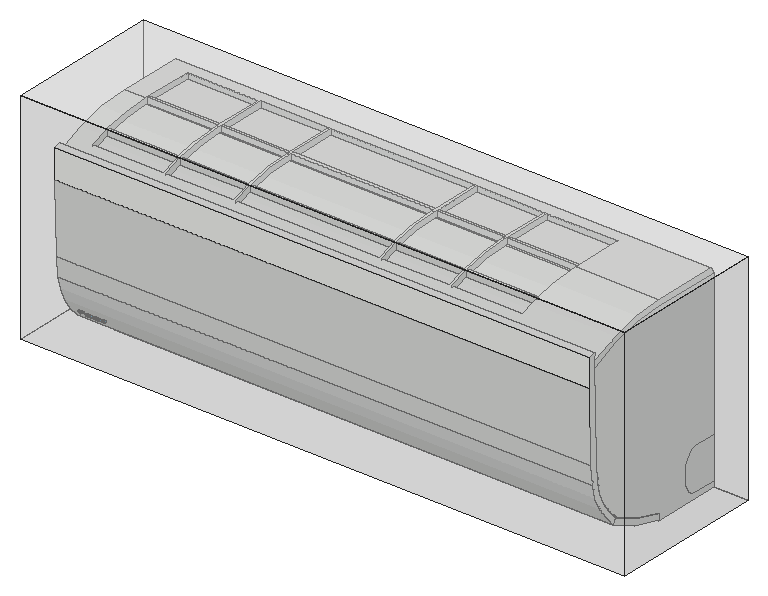
Revit family "outputfile", category 機械設備, Revit 2024
Family settings
  丸型コネクタ寸法 = 半径を使用
  パーツ タイプ = 標準
  OmniClass 番号 = 23.75.10.24.21.27.27
  OmniClass タイトル = Split System Air Conditioning Units
  作業面ベース = いいえ
  常に垂直 = はい
  ロード時にボイドで切り取り = いいえ
  注釈の向きを維持 = いいえ
  共有 = いいえ
  部屋計算ポイント = いいえ
Parameters (values of type "CTXF20TVMA")
  Description = ""
  書き出し IFC クラス(タイプ) = "IfcUnitaryEquipmentType"
  定義済み IFC タイプ(タイプ) = "AIRCONDITIONINGUNIT"
  Cost = 0
  Type Comments = ""
  Keynote = ""
  Type Image = (empty or 0)
  Assembly Code = ""
  w_wall hole = if(Width = 770.0 mm, 48.0 mm, 60.0 mm)  # 48.0 mm
  製造元 = "Daikin"
  モデル = "CTXF20TVMA"
  switch_frequency = yes
  r_Liquid Pipe Size = Liquid Pipe Size / 2  # 3.2 mm
  r_Gas Pipe Size = Gas Pipe Size / 2  # 4.75 mm
  r_Drain Pipe Size = Drain Pipe Size / 2  # 8.0 mm
  lw_powersupply [instance] = if(Width = 770.0 mm, if(or(Rear Right Connection_refrigerant, Bottom Right Connection_refrigerant), 25.0 mm, if(or(Rear Left Connection_refrigerant, Bottom Left Connection_refrigerant), 745.0 mm, 400.0 mm)), if(Width = 990.0 mm, if(or(Rear Right Connection_refrigerant, Bottom Right Connection_refrigerant), 40.0 mm, if(or(Rear Left Connection_refrigerant, Bottom Left Connection_refrigerant), 920.0 mm, 400.0 mm)), if(or(Rear Right Connection_refrigerant, Bottom Right Connection_refrigerant), 40.0 mm, if(or(Rear Left Connection_refrigerant, Bottom Left Connection_refrigerant), 920.0 mm, 400.0 mm))))  # 400.0 mm
  lw_liquidpipe [instance] = if(Width = 770.0 mm, if(or(Rear Right Connection_refrigerant, Bottom Right Connection_refrigerant), 0.0 mm, if(or(Rear Left Connection_refrigerant, Bottom Left Connection_refrigerant), 664.0 mm, 385.0 mm)), if(Width = 990.0 mm, if(or(Rear Right Connection_refrigerant, Bottom Right Connection_refrigerant), 0.0 mm, if(or(Rear Left Connection_refrigerant, Bottom Left Connection_refrigerant), 664.0 mm + (990.0 mm - 770.0 mm), 475.0 mm)), if(or(Rear Right Connection_refrigerant, Bottom Right Connection_refrigerant), 0.0 mm, if(or(Rear Left Connection_refrigerant, Bottom Left Connection_refrigerant), 664.0 mm + (990.0 mm - 770.0 mm), 475.0 mm))))  # 385.0 mm
  lw_gaspipe [instance] = if(Width = 770.0 mm, if(or(Rear Right Connection_refrigerant, Bottom Right Connection_refrigerant), 0.0 mm, if(or(Rear Left Connection_refrigerant, Bottom Left Connection_refrigerant), 675.0 mm, if(Gas Pipe Size = 12.7 mm, 335.0 mm, 335.0 mm))), if(Width = 990.0 mm, if(or(Rear Right Connection_refrigerant, Bottom Right Connection_refrigerant), 10.0 mm, if(or(Rear Left Connection_refrigerant, Bottom Left Connection_refrigerant), 890.0 mm, if(Gas Pipe Size = 15.9 mm, 400.0 mm, 400.0 mm))), if(or(Rear Right Connection_refrigerant, Bottom Right Connection_refrigerant), 10.0 mm, if(or(Rear Left Connection_refrigerant, Bottom Left Connection_refrigerant), 890.0 mm, if(Gas Pipe Size = 15.9 mm, 400.0 mm, 400.0 mm)))))  # 335.0 mm
  lw_drainpipe [instance] = if(Width = 770.0 mm, if(or(Rear Right Connection_refrigerant, Bottom Right Connection_refrigerant), 0.0 mm, if(or(Rear Left Connection_refrigerant, Bottom Left Connection_refrigerant), 770.0 mm - 48.0 mm - 48.0 mm, 440.0 mm)), if(Width = 990.0 mm, if(or(Rear Right Connection_refrigerant, Bottom Right Connection_refrigerant), 0.0 mm, if(or(Rear Left Connection_refrigerant, Bottom Left Connection_refrigerant), 675.0 mm + (990.0 mm - 770.0 mm), 435.0 mm)), if(or(Rear Right Connection_refrigerant, Bottom Right Connection_refrigerant), 0.0 mm, if(or(Rear Left Connection_refrigerant, Bottom Left Connection_refrigerant), 675.0 mm + (990.0 mm - 770.0 mm), 435.0 mm))))  # 440.0 mm
  l_powersupply_length [instance] = if(Width = 770.0 mm, if(Right Connection_refrigerant, 400.0 mm, if(Left Connection_refrigerant, 770.0 mm - 400.0 mm, if(or(Rear Left Connection_refrigerant, Rear Right Connection_refrigerant), 15.0 mm, 50.0 mm))), if(Width = 990.0 mm, if(Right Connection_refrigerant, 400.0 mm, if(Left Connection_refrigerant, 990.0 mm - 400.0 mm, if(or(Rear Left Connection_refrigerant, Rear Right Connection_refrigerant), 15.0 mm, 50.0 mm))), if(Right Connection_refrigerant, 400.0 mm, if(Left Connection_refrigerant, 990.0 mm - 400.0 mm, if(or(Rear Left Connection_refrigerant, Rear Right Connection_refrigerant), 15.0 mm, 50.0 mm)))))  # 400.0 mm
  l_liquidpipe_length [instance] = if(Width = 770.0 mm, if(Right Connection_refrigerant, 433.0 mm, if(Left Connection_refrigerant, 337.0 mm, if(or(Rear Left Connection_refrigerant, Rear Right Connection_refrigerant), 30.0 mm, 40.0 mm))), if(Width = 990.0 mm, if(Right Connection_refrigerant, 535.0 mm, if(Left Connection_refrigerant, 455.0 mm, if(or(Rear Left Connection_refrigerant, Rear Right Connection_refrigerant), 30.0 mm, 40.0 mm))), if(Right Connection_refrigerant, 535.0 mm, if(Left Connection_refrigerant, 455.0 mm, if(or(Rear Left Connection_refrigerant, Rear Right Connection_refrigerant), 30.0 mm, 40.0 mm)))))  # 433.0 mm
  l_gaspipe_length [instance] = if(Width = 770.0 mm, if(Right Connection_refrigerant, if(Gas Pipe Size = 12.7 mm, 383.0 mm, 383.0 mm), if(Left Connection_refrigerant, if(Gas Pipe Size = 12.7 mm, 770.0 mm - 383.0 mm, 770.0 mm - 383.0 mm), if(or(Rear Left Connection_refrigerant, Rear Right Connection_refrigerant), 40.0 mm, 50.0 mm))), if(Width = 990.0 mm, if(Right Connection_refrigerant, if(Gas Pipe Size = 15.9 mm, 460.0 mm, 460.0 mm), if(Left Connection_refrigerant, if(Gas Pipe Size = 15.9 mm, 990.0 mm - 460.0 mm, 990.0 mm - 460.0 mm), if(or(Rear Left Connection_refrigerant, Rear Right Connection_refrigerant), 40.0 mm, 50.0 mm))), if(Right Connection_refrigerant, if(Gas Pipe Size = 15.9 mm, 460.0 mm, 460.0 mm), if(Left Connection_refrigerant, if(Gas Pipe Size = 15.9 mm, 990.0 mm - 460.0 mm, 990.0 mm - 460.0 mm), if(or(Rear Left Connection_refrigerant, Rear Right Connection_refrigerant), 40.0 mm, 50.0 mm)))))  # 383.0 mm
  l_drainpipe_length [instance] = if(Width = 770.0 mm, if(Right Connection_refrigerant, 488.0 mm, if(Left Connection_refrigerant, 282.0 mm, if(or(Rear Left Connection_refrigerant, Rear Right Connection_refrigerant), 15.0 mm, 20.0 mm))), if(Width = 990.0 mm, if(Right Connection_refrigerant, 495.0 mm, if(Left Connection_refrigerant, 495.0 mm, if(or(Rear Left Connection_refrigerant, Rear Right Connection_refrigerant), 15.0 mm, 20.0 mm))), if(Right Connection_refrigerant, 495.0 mm, if(Left Connection_refrigerant, 495.0 mm, if(or(Rear Left Connection_refrigerant, Rear Right Connection_refrigerant), 15.0 mm, 20.0 mm)))))  # 488.0 mm
  h*** = 0.0 mm  # constant formula
  connector_voltage = Voltage_50Hz  # 230 V
  connector_powerinput = if([Power Input (Cooling)] > [Power Input (Heating)], [Power Input (Cooling)], [Power Input (Heating)])  # 0.000 kW
  connector_phase = Phase_50Hz  # 1
  angle_vertical [instance] = if(or(Bottom Left Connection_refrigerant, Bottom Right Connection_refrigerant), 0.00°, 90.00°)  # 90.00°
  angle_horizontal [instance] = if(Right Connection_refrigerant, 90.00°, if(Left Connection_refrigerant, -90.00°, if(or(Rear Left Connection_refrigerant, Rear Right Connection_refrigerant), 180.00°, 0.00°)))  # 90.00°
  Width = 770.0 mm
  Voltage_comment_50Hz = "220 - 240"
  Voltage_50Hz = 230 V
  Version = "ver.1.0"
  Unit Type = "Wall Mounted"
  Unit Mass Weight = 9.00 kg
  Unit Designation [instance] = ""
  Uniclass2015Version = "Products v1.30"
  Uniclass2015Title = "Split coil room air conditioning units"
  Uniclass2015Code = "Pr_70_65_03_86"
  URL = ""
  Total Heating Capacity [instance] = 0.000 kW
  Total Cooling Capacity [instance] = 0.000 kW
  Sound Pressure Level_M speed (dBA) = 33
  Sound Pressure Level_L speed (dBA) = 27
  Sound Pressure Level_H speed (dBA) = 40
  Sound Power Level_H speed (dB) = 0
  Series = "Multi Split_Fan Coil Unit"
  Sensible Cooling Capacity [instance] = 0.000 kW
  Refrigerant Type = "R32"
  Power Input (Heating) = 0.000 kW
  Power Input (Cooling) = 0.000 kW
  Phase_50Hz = 1
  Option Accessory 3 [instance] = ""
  Option Accessory 2 [instance] = ""
  Option Accessory 1 [instance] = ""
  Nominal Heating Capacity = 2.800 kW
  Nominal Cooling Capacity = 2.000 kW
  Minimum Circuit Amps_50Hz = 0.0 A
  Minimum Airflow = 348.00 m³/h
  Median Airflow = 462.00 m³/h
  Maximum Fuse Amps_50Hz = 0.0 A
  Maximum Airflow = 600.00 m³/h
  Material_Casing = DAIKIN_PureWhite_Casing_indoorunit
  Load Classification = HVAC
  Liquid Pipe Size = 6.4 mm
  Link_Nested Family [instance] = ""
  IfcVersion = ""
  IfcExportType = "AIRCONDITIONINGUNIT"
  IfcExportAs = "IfcUnitaryEquipmentType"
  Height = 285.0 mm
  Heating Entering Wet Bulb Temperature [instance] = 0.00 °C
  Heating Entering Dry Bulb Temperature [instance] = 0.00 °C
  Heating Ambient Wet Bulb Temperature [instance] = 0.00 °C
  Heating Ambient Dry Bulb Temperature [instance] = 0.00 °C
  Heat Exchanger Type = "Cross Fin Coil"
  Gas Pipe Size = 9.5 mm
  Frequency_50Hz = 50 Hz
  Fan Type = "Cross Flow Fan"
  Fan Drive = "Direct Drive"
  FCU Tag No. [instance] = ""
  Drain Pipe Size = 16.0 mm
  Design Supply Airflow [instance] = 0.00 m³/h
  Depth = 223.0 mm
  既定の高さ = 0.0 mm
  Cooling Entering Wet Bulb Temperature [instance] = 0.00 °C
  Cooling Entering Dry Bulb Temperature [instance] = 0.00 °C
  Cooling Ambient Wet Bulb Temperature [instance] = 0.00 °C
  Cooling Ambient Dry Bulb Temperature [instance] = 0.00 °C
  Clearance visibility [instance] = yes
  Clearance Top = 30.0 mm
  Clearance Right = 50.0 mm
  Clearance Rear = 0.0 mm
  Clearance Left = 50.0 mm
  Clearance Front = 0.0 mm
  Clearance Bottom = 0.0 mm
  Bottom Right Connection_refrigerant [instance] = no
  Bottom Left Connection_refrigerant [instance] = no
  Rear Right Connection_refrigerant [instance] = no
  Rear Left Connection_refrigerant [instance] = no
  Right Connection_refrigerant [instance] = yes
  Left Connection_refrigerant [instance] = no
Reference planes
  plane 1 "Back": y = 0
  plane 2: z = 0
  plane 3 "Center (Left/Right)": x = 0
  plane 4 "Center (Front/Back)": y = -111.5
  plane 5 "Front": y = -223
  plane 6 "Left": x = -385
  plane 7 "Right": x = 385
  plane 8 "Top": z = 0
  plane 9 "Bottom": z = -285
  plane 10: x = -435
  plane 11: x = 435
  plane 12: y = 0
  plane 13: y = -223
  plane 14: z = 30
  plane 15: z = -285
  plane 16 "lw_Piping and Wiring intake": x = 337
  plane 17 "lw_gaspipe": x = 2
  plane 18 "lw_liquidpipe": x = -48
  plane 19 "lw_drainpipe": x = -103
  plane 20 "lh_drainpipe": z = -265
  plane 21 "lh_liquidpipe": z = -245
  plane 22 "lh_gaspipe": z = -235
  plane 23 "ld_drainpipe": y = -15
  plane 24 "ld_liquidpipe": y = -30
  plane 25 "ld_gaspipe": y = -40
  plane 26 "lw_powersupply": x = -15
Dimensions and locks
  equal spacing: plane 6 "Left", plane 3 "Center (Left/Right)", plane 7 "Right"
  "Width": plane 6 "Left" to plane 7 "Right"
  equal spacing: plane 5 "Front", plane 4 "Center (Front/Back)", plane 1 "Back"
  "Depth": plane 5 "Front" to plane 1 "Back"
  "Height": plane 8 "Top" to plane 9 "Bottom"
  "Clearance Rear": plane 12 to plane 1 "Back"
  "Clearance Front": plane 13 to plane 5 "Front"
  "Clearance Top": plane 14 to plane 8 "Top"
  "Clearance Bottom": plane 9 "Bottom" to plane 15
  "w_wall hole": plane 16 "lw_Piping and Wiring intake" to plane 7 "Right"
  "lw_gaspipe": plane 17 "lw_gaspipe" to plane 16 "lw_Piping and Wiring intake"
  "lw_liquidpipe": plane 18 "lw_liquidpipe" to plane 16 "lw_Piping and Wiring intake"
  "lw_drainpipe": plane 19 "lw_drainpipe" to plane 16 "lw_Piping and Wiring intake"
  locked: plane 20 "lh_drainpipe" to plane 9 "Bottom" at 20
  locked: plane 21 "lh_liquidpipe" to plane 9 "Bottom" at 40
  locked: plane 22 "lh_gaspipe" to plane 9 "Bottom" at 50
  locked: plane 23 "ld_drainpipe" to plane 1 "Back" at 15
  locked: plane 1 "Back" to plane 24 "ld_liquidpipe" at 30
  locked: plane 1 "Back" to plane 25 "ld_gaspipe" at 40
  "lw_powersupply": plane 26 "lw_powersupply" to plane 7 "Right"
  "Clearance Left": plane 10 to plane 6 "Left"
  "Clearance Right": plane 7 "Right" to plane 11
  aligned and locked: level to plane 2
  aligned and locked: plane 12 to nested 1
  aligned and locked: nested 1 to plane 13
  aligned and locked: plane 10 to nested 1
  aligned and locked: plane 11 to nested 1
  aligned and locked: plane 15 to nested 1
  aligned and locked: plane 14 to nested 1
  aligned and locked: plane 17 "lw_gaspipe" to nested 2
  aligned and locked: nested 2 to plane 25 "ld_gaspipe"
  aligned and locked: plane 18 "lw_liquidpipe" to nested 3
  aligned and locked: nested 3 to plane 24 "ld_liquidpipe"
  aligned and locked: plane 19 "lw_drainpipe" to nested 4
  aligned and locked: nested 4 to plane 23 "ld_drainpipe"
  aligned and locked: nested 5 to plane 23 "ld_drainpipe"
  aligned and locked: plane 26 "lw_powersupply" to nested 5
  aligned and locked: level to plane 8 "Top"
  aligned and locked: plane 3 "Center (Left/Right)" to nested 6
  aligned and locked: plane 1 "Back" to nested 6
  aligned and locked: plane 8 "Top" to nested 6
Nested families
  nested 1: "daikin_clearancespace" at (0, -111.5, -127.381), show <- "Clearance visibility", visible <- "Clearance visibility", Link_Nested Family <- "Link_Nested Family", type "daikin_clearancespace"
    with width 870.0 mm, show yes, height 315.0 mm, depth 223.0 mm, Link_Nested Family ""
  nested 2: "daikin_connector_rotate3" at (2, -40, -235), angle_vertical <- "angle_vertical", angle_horizontal <- "angle_horizontal", length <- "l_gaspipe_length", radius <- "r_Gas Pipe Size", type "daikin_connector_rotate3"
    with show no, radius 4.75 mm, length 383.0 mm, angle_vertical 90.00°, angle_horizontal 90.00°
  nested 3: "daikin_connector_rotate3" at (-48, -30, -245), angle_vertical <- "angle_vertical", angle_horizontal <- "angle_horizontal", radius <- "r_Liquid Pipe Size", length <- "l_liquidpipe_length", type "daikin_connector_rotate3"
    with show no, radius 3.2 mm, length 433.0 mm, angle_vertical 90.00°, angle_horizontal 90.00°
  nested 4: "daikin_connector_rotate3" at (-103, -15, -265), angle_vertical <- "angle_vertical", angle_horizontal <- "angle_horizontal", length <- "l_drainpipe_length", radius <- "r_Drain Pipe Size", type "daikin_connector_rotate3"
    with show no, radius 8.0 mm, length 488.0 mm, angle_vertical 90.00°, angle_horizontal 90.00°
  nested 5: "daikin_connector_rotate3" at (-15, -15, -235), angle_vertical <- "angle_vertical", angle_horizontal <- "angle_horizontal", length <- "l_powersupply_length", type "daikin_connector_rotate3"
    with show no, radius 10.0 mm, length 400.0 mm, angle_vertical 90.00°, angle_horizontal 90.00°
  nested 6: "DAIKIN_indoorunit_CTXF-TVMA" at (-31, 0, 0), type "CTXF-TVMA"
Connectors
  piping at (385, -40, -235), diameter 9.5, driven by "r_Gas Pipe Size"
    settings: on nested 2, index 1, connector inside diameter 609.6 mm, connector length 0.0 mm, flow factor 0, pipe flow 0.00 m³/h, pressure drop 0.0 Pa, fitting loss kfactor 0, connector angle 0.00°, fixture units 0, engagement length 0.0 mm, angle of deflection 0.00°, flow configuration 1, flow direction 2, fitting loss method 0, system type 29, joint type 0, gender type 0, connector reference index -1, connector utility 0, adjustable connector no, is connector primary yes, connector description "Refrigerant Gas Piping"
  piping at (385, -30, -245), diameter 6.4, driven by "r_Liquid Pipe Size"
    settings: on nested 3, index 2, connector inside diameter 609.6 mm, connector length 0.0 mm, flow factor 0, pipe flow 0.00 m³/h, pressure drop 0.0 Pa, fitting loss kfactor 0, connector angle 0.00°, fixture units 0, engagement length 0.0 mm, angle of deflection 0.00°, flow configuration 1, flow direction 1, fitting loss method 0, system type 29, joint type 0, gender type 0, connector reference index -1, connector utility 0, adjustable connector no, is connector primary no, connector description "Refrigerant Liquid Piping"
  piping at (385, -15, -265), diameter 16, driven by "r_Drain Pipe Size"
    settings: on nested 4, index 3, connector inside diameter 609.6 mm, connector length 0.0 mm, flow factor 0, pipe flow 0.00 m³/h, pressure drop 0.0 Pa, fitting loss kfactor 0, connector angle 0.00°, fixture units 0, engagement length 0.0 mm, angle of deflection 0.00°, flow configuration 1, flow direction 2, fitting loss method 4, system type 16, joint type 0, gender type 0, connector reference index -1, connector utility 0, adjustable connector no, is connector primary no, connector description "Condensate Drain Piping"
  electrical at (385, -15, -235), driven by "Load Classification", driven by "connector_phase", driven by "connector_powerinput", driven by "connector_voltage"
    settings: on nested 5, index 4, voltage 230 V, apparent load 0 VA, apparent load phase1 0 VA, apparent load phase2 0 VA, apparent load phase3 0 VA, power factor 1, load classification "HVAC", number of poles 1, system type 30, power factor state 1, is connector primary yes, connector utility no, sub classification motor no, connector description "Power Supply"
Definition of nested family "daikin_clearancespace"
  Parameters (values of type "daikin_clearancespace")
    Description = "daikin_clearancespace"
    width [instance] = 1823.963 mm
    show [instance] = yes
    material = none
    height [instance] = 1359.762 mm
    depth [instance] = 880.0 mm
    Default Elevation = 0.0 mm
    Link_Nested Family [instance] = ""
  Reference planes
    plane 1 "Center (Front/Back)": y = 0
    plane 2 "Center (Elevation)": z = -0.119
    plane 3 "Center (Left/Right)": x = 0
    plane 4: y = 440
    plane 5: y = -440
    plane 6 "Right": x = 911.982
    plane 7 "Left": x = -911.982
    plane 8 "Top": z = 679.762
    plane 9 "Bottom": z = -680
  Forms (mm)
    Extrusion 1, solid, material <- "material", visible <- "show"
      sketch origin (0, 0, 0) x (1, 0, 0) y (0, 1, 0)
        loop
          line (-911.982, 440) -> (-911.982, -440) -> (911.982, -440) -> (911.982, 440) -> (-911.982, 440)
      from -680 to 679.762
  Lines and regions (mm)
    symbolic lines, visible <- "show"
      curve 1: line (911.982, 440, 0) -> (-911.982, 440, 0)
      curve 2: line (-911.982, 440, 0) -> (-911.982, -440, 0)
      curve 3: line (-911.982, -440, 0) -> (911.982, -440, 0)
      curve 4: line (911.982, -440, 0) -> (911.982, 440, 0)
      curve 5: line (911.982, 0, 679.762) -> (-911.982, 0, 679.762)
      curve 6: line (911.982, 0, -680) -> (911.982, 0, 679.762)
      curve 7: line (-911.982, 0, -680) -> (911.982, 0, -680)
      curve 8: line (-911.982, 0, 679.762) -> (-911.982, 0, -680)
      curve 9: line (0, 440, 679.762) -> (0, -440, 679.762)
      curve 10: line (0, -440, 679.762) -> (0, -440, -680)
      curve 11: line (0, 440, -680) -> (0, 440, 679.762)
      curve 12: line (0, -440, -680) -> (0, 440, -680)
  Dimensions and locks
    "width": plane 7 "Left" to plane 6 "Right"
    "depth": plane 4 to plane 5
    "height": plane 8 "Top" to plane 9 "Bottom"
    equal spacing: plane 7 "Left", plane 3 "Center (Left/Right)", plane 6 "Right"
    equal spacing: plane 4, plane 1 "Center (Front/Back)", plane 5
    equal spacing: plane 8 "Top", plane 2 "Center (Elevation)", plane 9 "Bottom"
    aligned and locked: level to plane 2 "Center (Elevation)"
    aligned and locked: Extrusion 1 sketch curve to plane 4
    aligned and locked: plane 7 "Left" to Extrusion 1 sketch curve
    aligned and locked: Extrusion 1 sketch curve to plane 5
    aligned and locked: Extrusion 1 sketch curve to plane 6 "Right"
    aligned and locked: plane 8 "Top" to Extrusion 1
    aligned and locked: curve 1 to Extrusion 1
    aligned and locked: curve 2 to Extrusion 1
    aligned and locked: curve 3 to Extrusion 1
    aligned and locked: curve 4 to Extrusion 1
    aligned and locked: curve 5 to Extrusion 1
    aligned and locked: curve 6 to Extrusion 1
    aligned and locked: curve 7 to Extrusion 1
    aligned and locked: curve 8 to Extrusion 1
    aligned and locked: curve 9 to Extrusion 1
    aligned and locked: curve 10 to Extrusion 1
    aligned and locked: curve 11 to Extrusion 1
    aligned and locked: curve 12 to Extrusion 1
    aligned and locked: Extrusion 1 to plane 9 "Bottom"
Definition of nested family "DAIKIN_indoorunit_CTXF-TVMA"
  Parameters (values of type "CTXF-TVMA")
    switch_unit1_50 = Width = 990.0 mm  # no
    switch_unit1_20-35 = Width = 770.0 mm  # yes
    Width = 770.0 mm
    WALL HOLE-R = if(Width = 770.0 mm, 48.0 mm, 60.0 mm)  # 48.0 mm
    WALL HOLE Size = if(Width = 770.0 mm, 65.0 mm, 80.0 mm)  # 65.0 mm
    Material_Casing = none
    Height = if(Width = 770.0 mm, 285.0 mm, 295.0 mm)  # 285.0 mm
    Default Elevation = 0.0 mm
  Reference planes
    plane 1 "Center (Front/Back)": y = 0
    plane 2 "reference_level": z = 0
    plane 3 "Center (Left/Right)": x = 31
    plane 4: x = -354
    plane 5: x = 416
    plane 6: z = -285
  Forms (mm)
    Extrusion 1, solid, material <- "Material_Casing", visible <- "switch_unit1_20-35"
      sketch origin (29, 0, 0) x (0, 1, 0) y (0, 0, 1)
        loop
          line (-5, 0) -> (-98, 0)
          arc (-98, 0) -> (-157.611, -7.211) -> (-213.783, -28.427) r 250
          arc (-213.783, -28.427) -> (-213.842, -32.972) -> (-213.892, -37.516) r 2191
          arc (-213.892, -37.516) -> (-157.832, -15.495) -> (-98.07, -8) r 242
          line (-98.07, -8) -> (0, -8) -> (-5, 0)
      from -383 to 387
    Extrusion 2, solid, material <- "Material_Casing", visible <- "switch_unit1_20-35"
      sketch origin (416, 1296.25, 1200) x (0, 1, 0) y (0, 0, 1)
        loop
          line (-1472.998, -1446.91) -> (-1476.998, -1453.839)
          arc (-1476.998, -1453.839) -> (-1437.481, -1472.422) -> (-1395.25, -1483.538) r 240
          line (-1395.25, -1483.538) -> (-1395.25, -1475.422)
          arc (-1395.25, -1475.422) -> (-1435.407, -1464.663) -> (-1472.998, -1446.91) r 232
      from 0 to -47.5
    Extrusion 3, solid, material <- "Material_Casing", visible <- "switch_unit1_20-35"
      sketch origin (29, 0, 0) x (0, 1, 0) y (0, 0, 1)
        loop
          arc (-223, -60.455) -> (-222.414, -110.646) -> (-220.656, -160.81) r 2149.92
          arc (-220.656, -160.81) -> (-219.65, -174.299) -> (-217.853, -187.706) r 229.911
          arc (-217.853, -187.706) -> (-205.371, -223.594) -> (-181.517, -253.17) r 111
          line (-181.517, -253.17) -> (-177.429, -246.093)
          arc (-177.429, -246.093) -> (-198.77, -218.989) -> (-209.965, -186.36) r 103
          arc (-209.965, -186.36) -> (-211.681, -173.586) -> (-212.651, -160.735) r 221.844
          arc (-212.651, -160.735) -> (-214.739, -93.233) -> (-214.74, -25.699) r 2186.828
          arc (-214.74, -25.699) -> (-214.671, -21.467) -> (-214.594, -17.235) r 2192
          line (-214.594, -17.235) -> (-223, -19.961) -> (-223, -60.455)
      from -383 to 387
    Extrusion 4, solid, material <- "Material_Casing", visible <- "switch_unit1_20-35"
      sketch origin (29, 0, -20) x (0, 1, 0) y (0, 0, 1)
        loop
          line (0, -265) -> (0, 12) -> (-98.07, 12)
          arc (-98.07, 12) -> (-157.832, 4.505) -> (-213.892, -17.516) r 242
          arc (-213.892, -17.516) -> (-213.638, -79.114) -> (-211.653, -140.681) r 2191
          arc (-211.653, -140.681) -> (-210.685, -153.501) -> (-208.973, -166.243) r 221
          arc (-208.973, -166.243) -> (-197.471, -199.282) -> (-175.482, -226.491) r 102
          arc (-175.482, -226.491) -> (-138.004, -244.019) -> (-98, -254.579) r 231
          line (-98, -254.579) -> (-98, -265) -> (0, -265)
      from -383 to 387
    Extrusion 5, solid, material <- "Material_Casing", visible <- "switch_unit1_20-35"
      sketch origin (-354, 1296.25, 1200) x (0, 1, 0) y (0, 0, 1)
        loop
          line (-1472.998, -1446.91) -> (-1476.998, -1453.839)
          arc (-1476.998, -1453.839) -> (-1437.481, -1472.422) -> (-1395.25, -1483.538) r 240
          line (-1395.25, -1483.538) -> (-1395.25, -1475.422)
          arc (-1395.25, -1475.422) -> (-1435.407, -1464.663) -> (-1472.998, -1446.91) r 232
      from 47 to 0
    Extrusion 6, solid, material <- "Material_Casing", visible <- "switch_unit1_20-35"
      sketch origin (416, 1296.25, 1200) x (0, 1, 0) y (0, 0, 1)
        loop
          line (-1472.998, -1446.91) -> (-1476.998, -1453.839)
          arc (-1476.998, -1453.839) -> (-1443.437, -1470.168) -> (-1407.75, -1481.097) r 240
          line (-1407.75, -1481.097) -> (-1407.75, -1472.894)
          arc (-1407.75, -1472.894) -> (-1441.363, -1462.385) -> (-1472.998, -1446.91) r 232
      from -116.993 to -48.493
    Extrusion 7, solid, material <- "Material_Casing", visible <- "switch_unit1_20-35"
      sketch origin (416, 1296.25, 1200) x (0, 1, 0) y (0, 0, 1)
        loop
          line (-1472.998, -1446.91) -> (-1476.998, -1453.839)
          arc (-1476.998, -1453.839) -> (-1443.437, -1470.168) -> (-1407.75, -1481.097) r 240
          line (-1407.75, -1481.097) -> (-1407.75, -1472.894)
          arc (-1407.75, -1472.894) -> (-1441.363, -1462.385) -> (-1472.998, -1446.91) r 232
      from -717 to -121.993
    Extrusion 8, void
      sketch origin (31, 0, -235) x (1, 0, 0) y (0, 1, 0)
        loop
          line (-252.674, -22.316) -> (-354.941, -22.316) -> (-354.941, -91.341) -> (-252.674, -91.341) -> (-252.674, -22.316)
        loop
          line (-249.341, -91.341) -> (-151.574, -91.341) -> (-151.574, -22.316) -> (-249.341, -22.316) -> (-249.341, -91.341)
        loop
          line (58.309, -22.316) -> (-148.309, -22.316) -> (-148.309, -91.341) -> (58.309, -91.341) -> (58.309, -22.316)
        loop
          line (61.689, -22.316) -> (61.689, -91.341) -> (159.457, -91.341) -> (159.457, -22.316) -> (61.689, -22.316)
        loop
          line (162.789, -22.316) -> (162.789, -91.341) -> (265.057, -91.341) -> (265.057, -22.316) -> (162.789, -22.316)
        loop
          line (-354.941, -94.659) -> (-354.941, -165.259) -> (-252.674, -165.259) -> (-252.674, -94.659) -> (-354.941, -94.659)
        loop
          line (-249.341, -94.659) -> (-249.341, -165.259) -> (-151.574, -165.259) -> (-151.574, -94.659) -> (-249.341, -94.659)
        loop
          line (-148.309, -94.659) -> (-148.309, -165.259) -> (58.309, -165.259) -> (58.309, -94.659) -> (-148.309, -94.659)
        loop
          line (61.689, -94.659) -> (61.689, -165.259) -> (159.457, -165.259) -> (159.457, -94.659) -> (61.689, -94.659)
        loop
          line (162.789, -94.659) -> (162.789, -165.259) -> (265.057, -165.259) -> (265.057, -94.659) -> (162.789, -94.659)
        loop
          line (-354.941, -167.382) -> (-354.941, -192.681) -> (-252.674, -192.681) -> (-252.674, -167.382) -> (-354.941, -167.382)
        loop
          line (-249.341, -167.382) -> (-249.341, -192.681) -> (-151.574, -192.681) -> (-151.574, -167.382) -> (-249.341, -167.382)
        loop
          line (-148.309, -167.382) -> (-148.309, -192.681) -> (58.309, -192.681) -> (58.309, -167.382) -> (-148.309, -167.382)
        loop
          line (159.457, -167.382) -> (61.689, -167.382) -> (61.689, -192.681) -> (159.457, -192.681) -> (159.457, -167.382)
        loop
          line (265.057, -167.382) -> (162.789, -167.382) -> (162.789, -192.681) -> (265.057, -192.681) -> (265.057, -167.382)
      from 201.638 to 250
    Extrusion 9, solid, material <- "Material_Casing"
      sketch origin (31, 0, 0) x (1, 0, 0) y (0, 0, 1)
        loop
          circle (337, -240.5) r 32.5
        loop
          circle (-337, -240.5) r 32.5
      from 0 to 5
    Extrusion 10, solid, material <- "Material_Casing", visible <- "switch_unit1_20-35"
      sketch origin (416, 1296.25, 1200) x (0, -1, 0) y (0, 0, 1)
        loop
          line (1326.25, -1417) -> (1296.25, -1417) -> (1296.25, -1477) -> (1326.25, -1477)
          arc (1326.25, -1477) -> (1340.393, -1471.142) -> (1346.25, -1457) r 20
          line (1346.25, -1457) -> (1346.25, -1437)
          arc (1346.25, -1437) -> (1340.393, -1422.858) -> (1326.25, -1417) r 20
      from 0 to 5
    Extrusion 11, solid, material <- "Material_Casing", visible <- "switch_unit1_20-35"
      sketch origin (-354, 1296.25, 1200) x (0, 1, 0) y (0, 0, 1)
        loop
          line (-1296.25, -1417) -> (-1326.25, -1417)
          arc (-1326.25, -1417) -> (-1340.393, -1422.858) -> (-1346.25, -1437) r 20
          line (-1346.25, -1437) -> (-1346.25, -1457)
          arc (-1346.25, -1457) -> (-1340.393, -1471.142) -> (-1326.25, -1477) r 20
          line (-1326.25, -1477) -> (-1296.25, -1477) -> (-1296.25, -1417)
      from 0 to 5
    Extrusion 12, solid, material <- "Material_Casing", visible <- "switch_unit1_20-35"
      sketch origin (31, 0, -285) x (-1, 0, 0) y (0, -1, 0)
        loop
          line (-314, 0) -> (-314, 30)
          arc (-314, 30) -> (-319.858, 44.142) -> (-334, 50) r 20
          line (-334, 50) -> (-354, 50)
          arc (-354, 50) -> (-368.142, 44.142) -> (-374, 30) r 20
          line (-374, 30) -> (-374, 0) -> (-314, 0)
        loop
          line (374, 0) -> (374, 30)
          arc (374, 30) -> (368.142, 44.142) -> (354, 50) r 20
          line (354, 50) -> (334, 50)
          arc (334, 50) -> (319.858, 44.142) -> (314, 30) r 20
          line (314, 30) -> (314, 0) -> (374, 0)
      from 0 to 5
    Extrusion 13, solid, material <- "Material_Casing", visible <- "switch_unit1_50"
      sketch origin (31, 0, 0) x (0, 1, 0) y (0, 0, 1)
        loop
          line (-5, 0) -> (-138, 0)
          arc (-138, 0) -> (-197.611, -7.211) -> (-253.783, -28.427) r 250
          arc (-253.783, -28.427) -> (-253.838, -32.687) -> (-253.886, -36.946) r 2191
          arc (-253.886, -36.946) -> (-197.73, -15.346) -> (-138.014, -8) r 246.393
          line (-138.014, -8) -> (0, -8) -> (-5, 0)
      from -495 to 495
    Extrusion 14, solid, material <- "Material_Casing", visible <- "switch_unit1_50"
      sketch origin (418, 1296.25, 1200) x (0, 1, 0) y (0, 0, 1)
        loop
          arc (-1515.208, -1454.149) -> (-1506.856, -1460.599) -> (-1497.925, -1466.219) r 110
          arc (-1497.925, -1466.219) -> (-1445.718, -1487.493) -> (-1389.844, -1494.995) r 223
          line (-1389.844, -1494.995) -> (-1389.844, -1486.086) -> (-1404.386, -1486.086)
          arc (-1404.386, -1486.086) -> (-1449.542, -1477.46) -> (-1491.818, -1459.402) r 214.289
          arc (-1491.818, -1459.402) -> (-1501.056, -1453.541) -> (-1509.606, -1446.715) r 101
          line (-1509.606, -1446.715) -> (-1515.208, -1454.149)
      from 108 to 57.5
    Extrusion 15, solid, material <- "Material_Casing", visible <- "switch_unit1_50"
      sketch origin (31, 0, 0) x (0, 1, 0) y (0, 0, 1)
        loop
          line (-263, -19.962) -> (-263, -61.6)
          arc (-263, -61.6) -> (-262.414, -110.219) -> (-260.656, -158.81) r 2017.341
          arc (-260.656, -158.81) -> (-255.648, -191.935) -> (-244.041, -223.362) r 164.725
          arc (-244.041, -223.362) -> (-233.569, -239.793) -> (-219.717, -253.495) r 87.379
          line (-219.717, -253.495) -> (-214.706, -246.846)
          arc (-214.706, -246.846) -> (-229.564, -230.029) -> (-240.385, -210.371) r 102
          arc (-240.385, -210.371) -> (-249.049, -182.962) -> (-252.848, -154.467) r 165.789
          arc (-252.848, -154.467) -> (-254.771, -90.102) -> (-254.74, -25.708) r 2122.533
          arc (-254.74, -25.708) -> (-254.671, -21.469) -> (-254.594, -17.23) r 2192
          line (-254.594, -17.23) -> (-263, -19.962)
      from -495 to 495
    Extrusion 16, void
      sketch origin (33, 0, 0) x (1, 0, 0) y (0, 1, 0)
        loop
          line (-466.909, -22.316) -> (-466.909, -111.341) -> (-366.303, -111.341) -> (-366.303, -22.316) -> (-466.909, -22.316)
        loop
          line (-362.71, -22.316) -> (-362.71, -111.341) -> (-262.103, -111.341) -> (-262.103, -22.316) -> (-362.71, -22.316)
        loop
          line (-258.51, -22.316) -> (-258.51, -111.341) -> (-157.904, -111.341) -> (-157.904, -22.316) -> (-258.51, -22.316)
        loop
          line (-154.31, -22.316) -> (-154.31, -111.341) -> (-53.704, -111.341) -> (-53.704, -22.316) -> (-154.31, -22.316)
        loop
          line (-50.11, -22.316) -> (-50.11, -111.341) -> (50.496, -111.341) -> (50.496, -22.316) -> (-50.11, -22.316)
        loop
          line (54.089, -22.316) -> (54.089, -111.341) -> (154.696, -111.341) -> (154.696, -22.316) -> (54.089, -22.316)
        loop
          line (158.289, -22.316) -> (158.289, -111.341) -> (258.895, -111.341) -> (258.895, -22.316) -> (158.289, -22.316)
        loop
          line (262.489, -22.316) -> (262.489, -111.341) -> (363.095, -111.341) -> (363.095, -22.316) -> (262.489, -22.316)
        loop
          line (-466.909, -114.459) -> (-466.909, -185.059) -> (-366.303, -185.059) -> (-366.303, -114.459) -> (-466.909, -114.459)
        loop
          line (-362.71, -114.459) -> (-362.71, -185.059) -> (-262.103, -185.059) -> (-262.103, -114.459) -> (-362.71, -114.459)
        loop
          line (-258.51, -114.459) -> (-258.51, -185.059) -> (-157.904, -185.059) -> (-157.904, -114.459) -> (-258.51, -114.459)
        loop
          line (-154.31, -114.459) -> (-154.31, -185.059) -> (-53.704, -185.059) -> (-53.704, -114.459) -> (-154.31, -114.459)
        loop
          line (-50.11, -114.459) -> (-50.11, -185.059) -> (50.496, -185.059) -> (50.496, -114.459) -> (-50.11, -114.459)
        loop
          line (54.089, -114.459) -> (54.089, -185.059) -> (154.696, -185.059) -> (154.696, -114.459) -> (54.089, -114.459)
        loop
          line (158.289, -114.459) -> (158.289, -185.059) -> (258.895, -185.059) -> (258.895, -114.459) -> (158.289, -114.459)
        loop
          line (262.489, -114.459) -> (262.489, -185.059) -> (363.095, -185.059) -> (363.095, -114.459) -> (262.489, -114.459)
        loop
          line (-466.909, -187.382) -> (-466.909, -232.681) -> (-366.303, -232.681) -> (-366.303, -187.382) -> (-466.909, -187.382)
        loop
          line (-362.71, -187.382) -> (-362.71, -232.681) -> (-262.103, -232.681) -> (-262.103, -187.382) -> (-362.71, -187.382)
        loop
          line (-258.51, -187.382) -> (-258.51, -232.681) -> (-157.904, -232.681) -> (-157.904, -187.382) -> (-258.51, -187.382)
        loop
          line (-154.31, -187.382) -> (-154.31, -232.681) -> (-53.704, -232.681) -> (-53.704, -187.382) -> (-154.31, -187.382)
        loop
          line (-50.11, -187.382) -> (-50.11, -232.681) -> (50.496, -232.681) -> (50.496, -187.382) -> (-50.11, -187.382)
        loop
          line (54.089, -187.382) -> (54.089, -232.681) -> (154.696, -232.681) -> (154.696, -187.382) -> (54.089, -187.382)
        loop
          line (158.289, -187.382) -> (158.289, -232.681) -> (258.895, -232.681) -> (258.895, -187.382) -> (158.289, -187.382)
        loop
          line (262.489, -187.382) -> (262.489, -232.681) -> (363.095, -232.681) -> (363.095, -187.382) -> (262.489, -187.382)
      from -40.013 to 47.268
    Extrusion 17, solid, material <- "Material_Casing", visible <- "switch_unit1_50"
      sketch origin (-356, 1296.25, 1200) x (0, 1, 0) y (0, 0, -1)
        loop
          line (-1515.208, 1454.149) -> (-1509.606, 1446.715)
          arc (-1509.606, 1446.715) -> (-1501.056, 1453.541) -> (-1491.818, 1459.402) r 101
          arc (-1491.818, 1459.402) -> (-1449.542, 1477.46) -> (-1404.386, 1486.086) r 214.289
          line (-1404.386, 1486.086) -> (-1389.844, 1486.086) -> (-1389.844, 1494.995)
          arc (-1389.844, 1494.995) -> (-1445.718, 1487.493) -> (-1497.925, 1466.219) r 223
          arc (-1497.925, 1466.219) -> (-1506.856, 1460.599) -> (-1515.208, 1454.149) r 110
      from 108 to 61
    Extrusion 18, solid, material <- "Material_Casing", visible <- "switch_unit1_50"
      sketch origin (418, 1296.25, 1200) x (0, 1, 0) y (0, 0, 1)
        loop
          arc (-1515.208, -1454.149) -> (-1506.856, -1460.599) -> (-1497.925, -1466.219) r 110
          arc (-1497.925, -1466.219) -> (-1463.185, -1482.066) -> (-1426.25, -1491.755) r 223
          line (-1426.25, -1491.755) -> (-1426.25, -1483.166)
          arc (-1426.25, -1483.166) -> (-1460.008, -1473.969) -> (-1491.818, -1459.402) r 214.289
          arc (-1491.818, -1459.402) -> (-1501.056, -1453.541) -> (-1509.606, -1446.715) r 101
          line (-1509.606, -1446.715) -> (-1515.208, -1454.149)
      from 56.5 to -36.993
    Extrusion 19, solid, material <- "Material_Casing", visible <- "switch_unit1_50"
      sketch origin (418, 1296.25, 1200) x (0, 1, 0) y (0, 0, 1)
        loop
          arc (-1426.25, -1483.166) -> (-1443.442, -1479.224) -> (-1460.25, -1473.881) r 214.289
          line (-1460.25, -1473.881) -> (-1460.25, -1483.089)
          arc (-1460.25, -1483.089) -> (-1443.421, -1488.091) -> (-1426.25, -1491.755) r 223
          line (-1426.25, -1491.755) -> (-1426.25, -1483.166)
      from -43.493 to -828.893
    Extrusion 20, solid, material <- "Material_Casing", visible <- "switch_unit1_50"
      sketch origin (418, 1296.25, 1200) x (0, 1, 0) y (0, 0, 1)
        loop
          arc (-1515.208, -1454.149) -> (-1506.856, -1460.599) -> (-1497.925, -1466.219) r 110
          arc (-1497.925, -1466.219) -> (-1479.479, -1475.527) -> (-1460.25, -1483.089) r 223
          line (-1460.25, -1483.089) -> (-1460.25, -1473.881)
          arc (-1460.25, -1473.881) -> (-1476.328, -1467.282) -> (-1491.818, -1459.402) r 214.289
          arc (-1491.818, -1459.402) -> (-1501.056, -1453.541) -> (-1509.606, -1446.715) r 101
          line (-1509.606, -1446.715) -> (-1515.208, -1454.149)
      from -43.493 to -828.893
    Extrusion 21, solid, material <- "Material_Casing", visible <- "switch_unit1_50"
      sketch origin (31, 0, -30) x (0, 1, 0) y (0, 0, 1)
        loop
          line (0, 22) -> (-138.014, 22)
          arc (-138.014, 22) -> (-197.73, 14.654) -> (-253.886, -6.946) r 246.393
          arc (-253.886, -6.946) -> (-253.682, -65.635) -> (-251.855, -124.295) r 2120.935
          arc (-251.855, -124.295) -> (-248.086, -152.682) -> (-239.461, -179.988) r 164.789
          arc (-239.461, -179.988) -> (-228.903, -199.231) -> (-214.437, -215.738) r 101
          line (-214.437, -215.738) -> (-212.406, -216.221)
          arc (-212.406, -216.221) -> (-204.07, -222.837) -> (-195.079, -228.53) r 100
          arc (-195.079, -228.53) -> (-145.557, -248.629) -> (-92.593, -255.785) r 213.289
          line (-92.593, -255.785) -> (-92.593, -265) -> (0, -265) -> (0, 22)
      from -495 to 495
    Extrusion 22, solid, material <- "Material_Casing", visible <- "switch_unit1_50"
      sketch origin (526, 1296.25, 1200) x (0, -1, 0) y (0, 0, 1)
        loop
          line (1326.25, -1427.035) -> (1296.25, -1427.035) -> (1296.25, -1487.035) -> (1326.25, -1487.035)
          arc (1326.25, -1487.035) -> (1340.393, -1481.177) -> (1346.25, -1467.035) r 20
          line (1346.25, -1467.035) -> (1346.25, -1447.035)
          arc (1346.25, -1447.035) -> (1340.393, -1432.892) -> (1326.25, -1427.035) r 20
      from 0 to 5
    Extrusion 23, solid, material <- "Material_Casing", visible <- "switch_unit1_50"
      sketch origin (-459, 1296.25, 1200) x (0, -1, 0) y (0, 0, 1)
        loop
          line (1326.25, -1427.035) -> (1296.25, -1427.035) -> (1296.25, -1487.035) -> (1326.25, -1487.035)
          arc (1326.25, -1487.035) -> (1340.393, -1481.177) -> (1346.25, -1467.035) r 20
          line (1346.25, -1467.035) -> (1346.25, -1447.035)
          arc (1346.25, -1447.035) -> (1340.393, -1432.892) -> (1326.25, -1427.035) r 20
      from 0 to 5
    Extrusion 24, solid, material <- "Material_Casing", visible <- "switch_unit1_50"
      sketch origin (31, 200, -295) x (-1, 0, 0) y (0, -1, 0)
        loop
          line (469, 200) -> (469, 230)
          arc (469, 230) -> (463.142, 244.142) -> (449, 250) r 20
          line (449, 250) -> (429, 250)
          arc (429, 250) -> (414.858, 244.142) -> (409, 230) r 20
          line (409, 230) -> (409, 200) -> (469, 200)
        loop
          line (-469, 200) -> (-409, 200) -> (-409, 230)
          arc (-409, 230) -> (-414.858, 244.142) -> (-429, 250) r 20
          line (-429, 250) -> (-449, 250)
          arc (-449, 250) -> (-463.142, 244.142) -> (-469, 230) r 20
          line (-469, 230) -> (-469, 200)
      from 0 to 5
  Cuts and joins
    Extrusion 8 cuts Extrusion 1
    Extrusion 16 cuts Extrusion 13
  Lines and regions (mm)
    reference lines
      curve 1: line (-523, -201.911, -229.404) -> (-523, -193.542, -239.977)
      curve 2: line (-523, -240.779, -229.404) -> (-523, -232.411, -239.977)
  Dimensions and locks
    locked: Extrusion 10 sketch curve to Extrusion 10 sketch curve at 60
    locked: Extrusion 10 sketch curve to Extrusion 10 sketch curve at 50
    locked: Extrusion 12 sketch curve to Extrusion 12 sketch curve at 60  (x2)
    locked: Extrusion 12 sketch curve to Extrusion 12 sketch curve at 50
    equal spacing: plane 5, plane 3 "Center (Left/Right)", plane 4
    "Width": plane 5 to plane 4
    locked: Extrusion 9 sketch curve to plane 4 at 48
    "WALL HOLE-R": plane 5 to Extrusion 9 sketch curve
    "Height": plane 2 "reference_level" to plane 6
    locked: Extrusion 9 sketch curve to plane 6 at 44.5  (x2)
    locked: Extrusion 15 to nested 2 at 15
    locked: Extrusion 22 sketch curve to Extrusion 22 sketch curve at 60
    locked: Extrusion 22 sketch curve to Extrusion 22 sketch curve at 50
    locked: Extrusion 23 sketch curve to Extrusion 23 sketch curve at 60
    locked: Extrusion 23 sketch curve to Extrusion 23 sketch curve at 50
    locked: Extrusion 24 sketch curve to Extrusion 24 sketch curve at 60  (x2)
    locked: Extrusion 24 sketch curve to Extrusion 24 sketch curve at 50  (x2)
    "WALL HOLE Size": diameter of Extrusion 9 sketch curve  (x2)
    aligned and locked: level to plane 2 "reference_level"
    aligned and locked: nested 1 to curve 1
    aligned and locked: Extrusion 11 sketch curve to Extrusion 10  (x4)
    aligned and locked: Extrusion 12 sketch curve to Extrusion 12 sketch curve  (x2)
    aligned and locked: Extrusion 9 to plane 1 "Center (Front/Back)"
    aligned and locked: nested 2 to curve 2
  Automatic sketch dimensions
    curve 1 to level = 239.977 mm
    plane 1 "Center (Front/Back)" to curve 1 = 193.542 mm
    curve 2 to curve 1 = 0.0 mm
    curve 2 to curve 2 = 10.573 mm
    curve 1 to curve 1 = 10.573 mm
    curve 1 to curve 1 = 8.368 mm
    curve 1 to curve 2 = 30.5 mm
    curve 2 to curve 2 = 8.368 mm
    Extrusion 1 sketch curve to level = 0.0 mm
    Extrusion 1 sketch curve to plane 1 "Center (Front/Back)" = 0.0 mm
    plane 1 "Center (Front/Back)" to Extrusion 1 sketch curve = 5.0 mm
    plane 1 "Center (Front/Back)" to Extrusion 1 sketch curve = 98.0 mm
    Extrusion 1 sketch curve to Extrusion 1 sketch curve = 0.07 mm
    Extrusion 1 sketch curve to level = 59.292 mm
    Extrusion 1 sketch curve to plane 1 "Center (Front/Back)" = 1977.0 mm
    Extrusion 1 sketch curve to level = 250.0 mm
    Extrusion 1 sketch curve to Extrusion 1 sketch curve = 0.0 mm
    Extrusion 1 sketch curve to level = 8.0 mm
    Extrusion 1 sketch curve to level = 28.427 mm
    plane 1 "Center (Front/Back)" to Extrusion 2 sketch curve = 180.748 mm
    Extrusion 2 sketch curve to Extrusion 2 sketch curve = 4.0 mm
    Extrusion 2 sketch curve to Extrusion 2 sketch curve = 77.747 mm
    plane 1 "Center (Front/Back)" to Extrusion 2 sketch curve = 59.279 mm
    Extrusion 2 sketch curve to Extrusion 2 sketch curve = 0.0 mm
    Extrusion 2 sketch curve to level = 283.538 mm
    Extrusion 2 sketch curve to Extrusion 2 sketch curve = 8.116 mm
    Extrusion 2 sketch curve to Extrusion 2 sketch curve = 21.583 mm
    Extrusion 2 sketch curve to Extrusion 2 sketch curve = 6.929 mm
    Extrusion 3 sketch curve to level = 19.961 mm
    plane 1 "Center (Front/Back)" to Extrusion 3 sketch curve = 223.0 mm
    Extrusion 3 sketch curve to level = 17.235 mm
    Extrusion 3 sketch curve to Extrusion 3 sketch curve = 8.406 mm
    plane 1 "Center (Front/Back)" to Extrusion 3 sketch curve = 181.517 mm
    Extrusion 3 sketch curve to Extrusion 3 sketch curve = 4.087 mm
    Extrusion 3 sketch curve to Extrusion 3 sketch curve = 69.11 mm
    Extrusion 3 sketch curve to Extrusion 3 sketch curve = 0.001 mm
    Extrusion 3 sketch curve to plane 1 "Center (Front/Back)" = 8.955 mm
    Extrusion 3 sketch curve to Extrusion 3 sketch curve = 0.067 mm
    Extrusion 3 sketch curve to level = 60.455 mm
    Extrusion 3 sketch curve to Extrusion 3 sketch curve = 1917.898 mm
    Extrusion 3 sketch curve to Extrusion 3 sketch curve = 44.907 mm
    Extrusion 3 sketch curve to Extrusion 3 sketch curve = 5.172 mm
    Extrusion 3 sketch curve to level = 150.456 mm
    Extrusion 3 sketch curve to Extrusion 3 sketch curve = 0.006 mm
    Extrusion 3 sketch curve to Extrusion 3 sketch curve = 19.265 mm
    Extrusion 3 sketch curve to Extrusion 3 sketch curve = 0.004 mm
    Extrusion 3 sketch curve to Extrusion 3 sketch curve = 76.368 mm
    Extrusion 3 sketch curve to Extrusion 3 sketch curve = 7.077 mm
    Extrusion 3 sketch curve to Extrusion 3 sketch curve = 1.002 mm
    Extrusion 3 sketch curve to Extrusion 3 sketch curve = 0.046 mm
    Extrusion 3 sketch curve to Extrusion 3 sketch curve = 8.005 mm
    Extrusion 3 sketch curve to Extrusion 3 sketch curve = 0.147 mm
    Extrusion 3 sketch curve to Extrusion 3 sketch curve = 0.0 mm
    Extrusion 4 sketch curve to plane 1 "Center (Front/Back)" = 0.0 mm
    plane 1 "Center (Front/Back)" to Extrusion 4 sketch curve = 59.278 mm
    Extrusion 4 sketch curve to Extrusion 4 sketch curve = 98.0 mm
    Extrusion 4 sketch curve to Extrusion 4 sketch curve = 0.0 mm  (x3)
    Extrusion 4 sketch curve to level = 8.0 mm
    Extrusion 4 sketch curve to Extrusion 4 sketch curve = 38.791 mm
    Extrusion 4 sketch curve to Extrusion 4 sketch curve = 10.249 mm
    Extrusion 4 sketch curve to plane 1 "Center (Front/Back)" = 9.11 mm
    Extrusion 4 sketch curve to level = 59.292 mm
    Extrusion 4 sketch curve to Extrusion 4 sketch curve = 1967.89 mm
    Extrusion 4 sketch curve to Extrusion 4 sketch curve = 142.454 mm
    Extrusion 4 sketch curve to Extrusion 4 sketch curve = 19.271 mm
    Extrusion 4 sketch curve to Extrusion 4 sketch curve = 80.275 mm
    Extrusion 4 sketch curve to Extrusion 4 sketch curve = 24.579 mm
    Extrusion 4 sketch curve to Extrusion 4 sketch curve = 10.421 mm
    Extrusion 4 sketch curve to level = 46.847 mm
    Extrusion 4 sketch curve to Extrusion 4 sketch curve = 77.412 mm
    Extrusion 4 sketch curve to Extrusion 4 sketch curve = 33.49 mm
    Extrusion 4 sketch curve to Extrusion 4 sketch curve = 2.68 mm
    plane 1 "Center (Front/Back)" to Extrusion 5 sketch curve = 180.748 mm
    Extrusion 5 sketch curve to Extrusion 5 sketch curve = 4.0 mm
    Extrusion 5 sketch curve to Extrusion 5 sketch curve = 77.747 mm
    plane 1 "Center (Front/Back)" to Extrusion 5 sketch curve = 59.279 mm
    Extrusion 5 sketch curve to Extrusion 5 sketch curve = 0.0 mm
    Extrusion 5 sketch curve to level = 283.538 mm
    Extrusion 5 sketch curve to Extrusion 5 sketch curve = 8.116 mm
    Extrusion 5 sketch curve to Extrusion 5 sketch curve = 21.583 mm
    Extrusion 5 sketch curve to Extrusion 5 sketch curve = 6.929 mm
    plane 1 "Center (Front/Back)" to Extrusion 6 sketch curve = 180.748 mm
    Extrusion 6 sketch curve to Extrusion 6 sketch curve = 4.0 mm
    Extrusion 6 sketch curve to Extrusion 6 sketch curve = 65.247 mm
    plane 1 "Center (Front/Back)" to Extrusion 6 sketch curve = 59.279 mm
    Extrusion 6 sketch curve to Extrusion 6 sketch curve = 0.0 mm
    Extrusion 6 sketch curve to level = 281.097 mm
    Extrusion 6 sketch curve to Extrusion 6 sketch curve = 8.203 mm
    Extrusion 6 sketch curve to Extrusion 6 sketch curve = 19.055 mm
    Extrusion 6 sketch curve to Extrusion 6 sketch curve = 6.929 mm
    plane 1 "Center (Front/Back)" to Extrusion 7 sketch curve = 180.748 mm
    Extrusion 7 sketch curve to Extrusion 7 sketch curve = 4.0 mm
    Extrusion 7 sketch curve to Extrusion 7 sketch curve = 65.247 mm
    plane 1 "Center (Front/Back)" to Extrusion 7 sketch curve = 59.279 mm
    Extrusion 7 sketch curve to Extrusion 7 sketch curve = 0.0 mm
    Extrusion 7 sketch curve to level = 281.097 mm
    Extrusion 7 sketch curve to Extrusion 7 sketch curve = 8.203 mm
    Extrusion 7 sketch curve to Extrusion 7 sketch curve = 19.055 mm
    Extrusion 7 sketch curve to Extrusion 7 sketch curve = 6.929 mm
    plane 1 "Center (Front/Back)" to Extrusion 8 sketch curve = 165.259 mm  (x2)
    Extrusion 8 sketch curve to plane 3 "Center (Left/Right)" = 354.941 mm
    plane 1 "Center (Front/Back)" to Extrusion 8 sketch curve = 22.316 mm  (x3)
    Extrusion 8 sketch curve to Extrusion 8 sketch curve = 0.0 mm  (x26)
    Extrusion 8 sketch curve to Extrusion 8 sketch curve = 102.268 mm  (x2)
    Extrusion 8 sketch curve to Extrusion 8 sketch curve = 3.332 mm  (x4)
    Extrusion 8 sketch curve to Extrusion 8 sketch curve = 97.768 mm  (x2)
    Extrusion 8 sketch curve to Extrusion 8 sketch curve = 3.264 mm  (x3)
    plane 3 "Center (Left/Right)" to Extrusion 8 sketch curve = 58.309 mm
    Extrusion 8 sketch curve to Extrusion 8 sketch curve = 3.38 mm  (x3)
    Extrusion 8 sketch curve to Extrusion 8 sketch curve = 2.124 mm  (x6)
    Extrusion 8 sketch curve to Extrusion 8 sketch curve = 25.299 mm  (x2)
    Extrusion 8 sketch curve to Extrusion 8 sketch curve = 70.6 mm
    Extrusion 8 sketch curve to Extrusion 8 sketch curve = 3.317 mm  (x4)
    Extrusion 10 sketch curve to plane 1 "Center (Front/Back)" = 0.0 mm
    Extrusion 10 sketch curve to Extrusion 10 sketch curve = 20.0 mm  (x2)
    Extrusion 10 sketch curve to level = 277.0 mm
    plane 1 "Center (Front/Back)" to Extrusion 12 sketch curve = 0.0 mm
    plane 3 "Center (Left/Right)" to Extrusion 12 sketch curve = 374.0 mm
    Extrusion 12 sketch curve to Extrusion 12 sketch curve = 20.0 mm  (x3)
    plane 1 "Center (Front/Back)" to Extrusion 12 sketch curve = 30.0 mm
    Extrusion 12 sketch curve to plane 3 "Center (Left/Right)" = 314.0 mm
    Extrusion 13 sketch curve to level = 0.0 mm
    Extrusion 13 sketch curve to plane 1 "Center (Front/Back)" = 0.0 mm
    plane 1 "Center (Front/Back)" to Extrusion 13 sketch curve = 5.0 mm
    Extrusion 13 sketch curve to Extrusion 13 sketch curve = 133.0 mm
    Extrusion 13 sketch curve to Extrusion 13 sketch curve = 0.013 mm
    Extrusion 13 sketch curve to level = 59.292 mm
    Extrusion 13 sketch curve to plane 1 "Center (Front/Back)" = 1937.0 mm
    Extrusion 13 sketch curve to Extrusion 13 sketch curve = 250.0 mm
    Extrusion 13 sketch curve to Extrusion 13 sketch curve = 4.393 mm
    Extrusion 13 sketch curve to level = 8.0 mm
    Extrusion 13 sketch curve to level = 28.427 mm
    plane 1 "Center (Front/Back)" to Extrusion 14 sketch curve = 218.957 mm
    Extrusion 14 sketch curve to Extrusion 14 sketch curve = 5.601 mm
    Extrusion 14 sketch curve to Extrusion 14 sketch curve = 65.735 mm
    Extrusion 14 sketch curve to Extrusion 14 sketch curve = 1.462 mm
    plane 1 "Center (Front/Back)" to Extrusion 14 sketch curve = 108.136 mm
    Extrusion 14 sketch curve to Extrusion 14 sketch curve = 14.543 mm
    plane 1 "Center (Front/Back)" to Extrusion 14 sketch curve = 92.093 mm
    Extrusion 14 sketch curve to Extrusion 14 sketch curve = 1.354 mm
    Extrusion 14 sketch curve to level = 294.995 mm
    Extrusion 14 sketch curve to Extrusion 14 sketch curve = 8.909 mm
    Extrusion 14 sketch curve to Extrusion 14 sketch curve = 31.937 mm
    Extrusion 14 sketch curve to Extrusion 14 sketch curve = 7.433 mm
    Extrusion 14 sketch curve to Extrusion 14 sketch curve = 75.403 mm
    Extrusion 14 sketch curve to Extrusion 14 sketch curve = 0.896 mm
    Extrusion 14 sketch curve to level = 72.504 mm
    Extrusion 14 sketch curve to Extrusion 14 sketch curve = 0.504 mm
    Extrusion 15 sketch curve to level = 19.962 mm
    plane 1 "Center (Front/Back)" to Extrusion 15 sketch curve = 263.0 mm
    Extrusion 15 sketch curve to level = 17.23 mm
    Extrusion 15 sketch curve to Extrusion 15 sketch curve = 8.406 mm
    Extrusion 15 sketch curve to Extrusion 15 sketch curve = 43.283 mm
    Extrusion 15 sketch curve to Extrusion 15 sketch curve = 5.011 mm
    Extrusion 15 sketch curve to Extrusion 15 sketch curve = 49.129 mm
    Extrusion 15 sketch curve to Extrusion 15 sketch curve = 19.417 mm
    Extrusion 15 sketch curve to Extrusion 15 sketch curve = 50.037 mm
    Extrusion 15 sketch curve to Extrusion 15 sketch curve = 8.89 mm
    Extrusion 15 sketch curve to level = 61.6 mm
    Extrusion 15 sketch curve to plane 1 "Center (Front/Back)" = 1754.341 mm
    Extrusion 15 sketch curve to level = 58.909 mm
    Extrusion 15 sketch curve to Extrusion 15 sketch curve = 113.192 mm
    Extrusion 15 sketch curve to Extrusion 15 sketch curve = 69.467 mm
    Extrusion 15 sketch curve to level = 146.886 mm
    Extrusion 15 sketch curve to Extrusion 15 sketch curve = 3.987 mm
    Extrusion 15 sketch curve to Extrusion 15 sketch curve = 20.44 mm
    Extrusion 15 sketch curve to Extrusion 15 sketch curve = 13.597 mm
    Extrusion 15 sketch curve to Extrusion 15 sketch curve = 61.936 mm
    Extrusion 15 sketch curve to Extrusion 15 sketch curve = 6.649 mm
    Extrusion 15 sketch curve to level = 59.438 mm
    Extrusion 15 sketch curve to Extrusion 15 sketch curve = 0.0 mm
    Extrusion 15 sketch curve to Extrusion 15 sketch curve = 0.147 mm
    Extrusion 15 sketch curve to Extrusion 15 sketch curve = 7.808 mm
    plane 1 "Center (Front/Back)" to Extrusion 16 sketch curve = 22.316 mm  (x6)
    Extrusion 16 sketch curve to plane 3 "Center (Left/Right)" = 464.909 mm
    Extrusion 16 sketch curve to Extrusion 16 sketch curve = 0.0 mm  (x27)
    Extrusion 16 sketch curve to Extrusion 16 sketch curve = 100.606 mm  (x7)
    Extrusion 16 sketch curve to Extrusion 16 sketch curve = 3.594 mm  (x16)
    Extrusion 16 sketch curve to plane 3 "Center (Left/Right)" = 51.704 mm
    plane 3 "Center (Left/Right)" to Extrusion 16 sketch curve = 52.496 mm  (x2)
    Extrusion 16 sketch curve to Extrusion 16 sketch curve = 89.026 mm  (x6)
    Extrusion 16 sketch curve to Extrusion 16 sketch curve = 3.117 mm  (x8)
    Extrusion 16 sketch curve to Extrusion 16 sketch curve = 70.6 mm  (x7)
    Extrusion 16 sketch curve to Extrusion 16 sketch curve = 2.324 mm  (x8)
    Extrusion 16 sketch curve to Extrusion 16 sketch curve = 45.299 mm  (x7)
    plane 1 "Center (Front/Back)" to Extrusion 17 sketch curve = 218.957 mm
    Extrusion 17 sketch curve to Extrusion 17 sketch curve = 5.601 mm
    Extrusion 17 sketch curve to Extrusion 17 sketch curve = 65.735 mm
    Extrusion 17 sketch curve to Extrusion 17 sketch curve = 1.462 mm
    plane 1 "Center (Front/Back)" to Extrusion 17 sketch curve = 108.136 mm
    Extrusion 17 sketch curve to Extrusion 17 sketch curve = 14.543 mm
    plane 1 "Center (Front/Back)" to Extrusion 17 sketch curve = 92.093 mm
    Extrusion 17 sketch curve to Extrusion 17 sketch curve = 1.354 mm
    Extrusion 17 sketch curve to level = 72.0 mm
    Extrusion 17 sketch curve to Extrusion 17 sketch curve = 0.504 mm
    Extrusion 17 sketch curve to Extrusion 17 sketch curve = 98.416 mm
    Extrusion 17 sketch curve to Extrusion 17 sketch curve = 0.896 mm
    Extrusion 17 sketch curve to Extrusion 17 sketch curve = 76.3 mm
    Extrusion 17 sketch curve to Extrusion 17 sketch curve = 7.433 mm
    Extrusion 17 sketch curve to Extrusion 17 sketch curve = 26.684 mm
    Extrusion 17 sketch curve to Extrusion 17 sketch curve = 8.909 mm
    plane 1 "Center (Front/Back)" to Extrusion 18 sketch curve = 218.957 mm
    Extrusion 18 sketch curve to Extrusion 18 sketch curve = 5.601 mm
    Extrusion 18 sketch curve to Extrusion 18 sketch curve = 65.735 mm
    Extrusion 18 sketch curve to Extrusion 18 sketch curve = 1.462 mm
    Extrusion 18 sketch curve to Extrusion 18 sketch curve = 83.356 mm
    plane 1 "Center (Front/Back)" to Extrusion 18 sketch curve = 92.093 mm
    Extrusion 18 sketch curve to Extrusion 18 sketch curve = 1.354 mm
    Extrusion 18 sketch curve to level = 291.755 mm
    Extrusion 18 sketch curve to Extrusion 18 sketch curve = 8.588 mm
    Extrusion 18 sketch curve to Extrusion 18 sketch curve = 29.018 mm
    Extrusion 18 sketch curve to Extrusion 18 sketch curve = 7.433 mm
    Extrusion 18 sketch curve to Extrusion 18 sketch curve = 75.403 mm
    Extrusion 18 sketch curve to Extrusion 18 sketch curve = 0.896 mm
    Extrusion 18 sketch curve to level = 72.504 mm
    Extrusion 18 sketch curve to Extrusion 18 sketch curve = 0.504 mm
    plane 1 "Center (Front/Back)" to Extrusion 19 sketch curve = 164.0 mm
    Extrusion 19 sketch curve to Extrusion 19 sketch curve = 34.0 mm
    plane 1 "Center (Front/Back)" to Extrusion 19 sketch curve = 92.093 mm
    Extrusion 19 sketch curve to Extrusion 19 sketch curve = 1.354 mm
    Extrusion 19 sketch curve to level = 291.755 mm
    Extrusion 19 sketch curve to Extrusion 19 sketch curve = 8.588 mm
    Extrusion 19 sketch curve to Extrusion 19 sketch curve = 0.077 mm
    Extrusion 19 sketch curve to Extrusion 19 sketch curve = 9.207 mm
    plane 1 "Center (Front/Back)" to Extrusion 20 sketch curve = 218.957 mm
    Extrusion 20 sketch curve to Extrusion 20 sketch curve = 5.601 mm
    Extrusion 20 sketch curve to Extrusion 20 sketch curve = 49.356 mm
    Extrusion 20 sketch curve to Extrusion 20 sketch curve = 65.735 mm
    Extrusion 20 sketch curve to Extrusion 20 sketch curve = 1.462 mm
    plane 1 "Center (Front/Back)" to Extrusion 20 sketch curve = 92.093 mm
    Extrusion 20 sketch curve to Extrusion 20 sketch curve = 1.354 mm
    Extrusion 20 sketch curve to level = 283.089 mm
    Extrusion 20 sketch curve to Extrusion 20 sketch curve = 9.207 mm
    Extrusion 20 sketch curve to Extrusion 20 sketch curve = 19.733 mm
    Extrusion 20 sketch curve to Extrusion 20 sketch curve = 7.433 mm
    Extrusion 20 sketch curve to Extrusion 20 sketch curve = 75.403 mm
    Extrusion 20 sketch curve to Extrusion 20 sketch curve = 0.896 mm
    Extrusion 20 sketch curve to level = 72.504 mm
    Extrusion 20 sketch curve to Extrusion 20 sketch curve = 0.504 mm
    Extrusion 21 sketch curve to Extrusion 21 sketch curve = 0.0 mm  (x4)
    Extrusion 21 sketch curve to plane 1 "Center (Front/Back)" = 0.0 mm
    plane 1 "Center (Front/Back)" to Extrusion 21 sketch curve = 87.233 mm
    Extrusion 21 sketch curve to Extrusion 21 sketch curve = 3.506 mm
    Extrusion 21 sketch curve to Extrusion 21 sketch curve = 92.593 mm
    Extrusion 21 sketch curve to Extrusion 21 sketch curve = 45.42 mm
    Extrusion 21 sketch curve to Extrusion 21 sketch curve = 58.927 mm
    Extrusion 21 sketch curve to Extrusion 21 sketch curve = 74.393 mm
    Extrusion 21 sketch curve to Extrusion 21 sketch curve = 2.031 mm
    Extrusion 21 sketch curve to level = 58.927 mm
    Extrusion 21 sketch curve to plane 1 "Center (Front/Back)" = 1866.935 mm
    Extrusion 21 sketch curve to level = 72.504 mm
    Extrusion 21 sketch curve to Extrusion 21 sketch curve = 74.381 mm
    Extrusion 21 sketch curve to Extrusion 21 sketch curve = 24.427 mm
